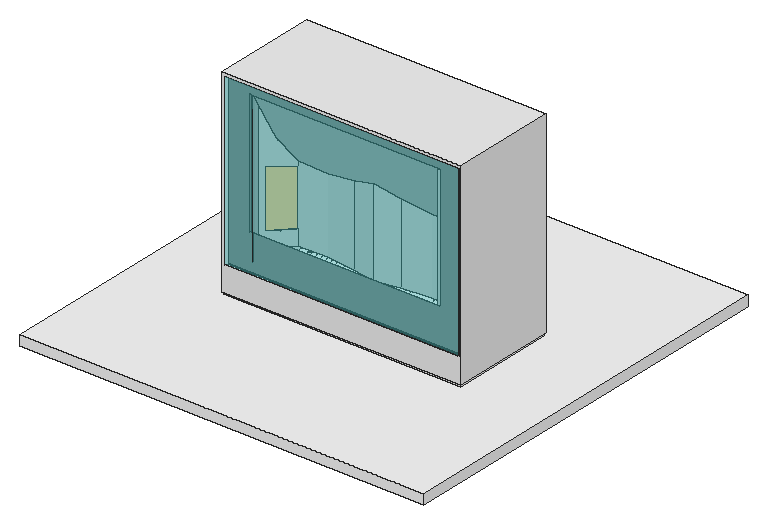
Revit family "BE_22383_de_DE", category Leuchten, Revit 2015
Parameters (values of type "BEGA_22383_Weiß_K3")
  built-in parameter 1150104 = 9.9174 (stored number, unit not read)
  Wattage = 25.2 W
  Default Elevation = 0 mm
  built-in parameter 1150113 = 1 (stored number, unit not read)
  built-in parameter 1114218 = 1 (stored number, unit not read)
  URL = "http://www.bega.de/produkt/22383"
  Typenkommentare = "© 2015 BEGA. Wir behalten uns das Recht vor, technische Änderungen ohne vorherige Ankündigung vorzunehmen."  # constant formula
  Type Image = 22383.png
  built-in parameter 1150134 = (empty or 0)
  built-in parameter 1150109 = 1 (stored number, unit not read)
  Strom = ""
  built-in parameter 1150110 = 1 (stored number, unit not read)
  Spannung = 0 V
  Sonderanfertigung = no
  Seriennummer [instance] = "Hier können Sie die eindeutige Seriennummer für das Facility Management eintragen."
  Schutzklasse = "I"
  Schutzart = "IP 65"
  Scheinlast = 0 VA
  Produktdatenblatt = "http://www.bega.de/download/datenblaetter/de/22383.pdf"
  Neigungswinkel = 0.00°
  Modell = "22383W"
  Material_17 = BEGA_Reflektor
  Material_15 = BEGA_Leuchtmedium_matt
  Material_09 = BEGA_Glas_klar
  Material_06 = BEGA_Oberfläche_Edelstahl_gebürstet
  Material_03 = BEGA_Oberfläche_Weiss_matt
  Material_02 = BEGA_Oberfläche_Silber_matt
  Material_01 [instance] = BEGA_Oberfläche_Grafit_matt
  M_W = yes
  M_G = no
  M_A = no
  Logo = 0
  built-in parameter 1114217 = 1 (stored number, unit not read)
  built-in parameter 1150139 = (empty or 0)
  built-in parameter 1150105 = 214.07 (stored number, unit not read)
  built-in parameter 1150114 = 1 (stored number, unit not read)
  Lumens = 2690.1 lm
  built-in parameter 1150115 = 1 (stored number, unit not read)
  Leuchtenlichtstrom = "2039 lm"
  Leuchtenanzahl = ""
  Lebensdauerkriterien = "L70 = 50.000 h"
  Lastklassifizierung = Beleuchtung
  built-in parameter 1150112 = 1 (stored number, unit not read)
  Lampenlichtstrom = "2690 lm"
  Lampe = "LED 25.2 W"
  LED_Modulbezeichnung = "2x LED-0504/830 "
  built-in parameter 1150142 = (empty or 0)
  Hersteller = "BEGA"  # constant formula
  Gewicht = "3.1 kg"
  Frequenz = "0/50-60 Hz"
  Farbwiedergabeindex = "Ra > 80"
  Farbtemperaturverschiebung bei Dämpfen der Lampe = <Keine Auswahl>
  Farbtemperatur = "3000 K"
  Color Filter = 16777215
  built-in parameter 1150133 = 10 (stored number, unit not read)
  Energieeffizienzklasse = "LED A++ - A"
  built-in parameter 1150137 = (empty or 0)
  built-in parameter 1150132 = (empty or 0)
  Dimmbar [instance] = "DALI"
  Datei für fotometrisches Netz = "BE_22383.IES"
  CE_Konformität = "ja"
  Bestellnummer = "22383W"
  Beschreibung_Sonderanfertigung = "Hier können Sie Informationen zur Sonderanfertigung eintragen."
  Beschreibung = "Wandfluter"
  built-in parameter 1150106 = 2.1407 (stored number, unit not read)
  Befestigungsbohrung = "Ø 5,5 mm"
  Befestigungsabstand = "170 mm"
  BEGA_Intern_aus = yes
  BEGA_Intern_an = yes
  BEGA_Intern_Konstruktion = yes
  BEGA_Intern = yes
  BEGA_IES = yes
  BEGA_Dummy = no
  Anschlussleistung [instance] = "30 W"
  built-in parameter 1150107 = 3000 (stored number, unit not read)
  built-in parameter 1150102 = (empty or 0)
  built-in parameter 1150138 = (empty or 0)
  Aktualisierung = "2015-11-03T04:10:14"
  AC/DC = "AC/DC"
Types (7, lengths in mm): name | built-in parameter 1150104 | built-in parameter 1150134 | Modell | M_W | M_G | M_A | built-in parameter 1150105 | Lumens | Lampenlichtstrom | LED_Modulbezeichnung | Farbtemperatur | Datei für fotometrisches Netz | Bestellnummer | built-in parameter 1150106 | built-in parameter 1150107
  (no name) | 9.9174 (stored number, unit not read) | (empty or 0) | "22383W" | yes | no | no | 214.07 (stored number, unit not read) | 2690.1 lm | "2690 lm" | "2x LED-0504/830 " | "3000 K" | "BE_22383.IES" | "22383W" | 2.1407 (stored number, unit not read) | 3000 (stored number, unit not read)
  BEGA_22383_Silber_K4 | 10.618 (stored number, unit not read) | 12 | "22383AK4" | no | no | yes | 229.19 (stored number, unit not read) | 2880.11 lm | "2880 lm" | "2x LED-0504/840 " | "4000 K" | "BE_22383K4.IES" | "22383AK4" | 2.2919 (stored number, unit not read) | 4000 (stored number, unit not read)
  BEGA_22383_Silber_K3 | 9.9174 (stored number, unit not read) | (empty or 0) | "22383A" | no | no | yes | 214.07 (stored number, unit not read) | 2690.1 lm | "2690 lm" | "2x LED-0504/830 " | "3000 K" | "BE_22383.IES" | "22383A" | 2.1407 (stored number, unit not read) | 3000 (stored number, unit not read)
  BEGA_22383_Weiß_K3 | 9.9174 (stored number, unit not read) | (empty or 0) | "22383W" | yes | no | no | 214.07 (stored number, unit not read) | 2690.1 lm | "2690 lm" | "2x LED-0504/830 " | "3000 K" | "BE_22383.IES" | "22383W" | 2.1407 (stored number, unit not read) | 3000 (stored number, unit not read)
  BEGA_22383_Grafit_K3 | 9.9174 (stored number, unit not read) | (empty or 0) | "22383" | no | yes | no | 214.07 (stored number, unit not read) | 2690.1 lm | "2690 lm" | "2x LED-0504/830 " | "3000 K" | "BE_22383.IES" | "22383" | 2.1407 (stored number, unit not read) | 3000 (stored number, unit not read)
  BEGA_22383_Grafit_K4 | 10.618 (stored number, unit not read) | 12 | "22383K4" | no | yes | no | 229.19 (stored number, unit not read) | 2880.11 lm | "2880 lm" | "2x LED-0504/840 " | "4000 K" | "BE_22383K4.IES" | "22383K4" | 2.2919 (stored number, unit not read) | 4000 (stored number, unit not read)
  BEGA_22383_Weiß_K4 | 10.618 (stored number, unit not read) | 12 | "22383WK4" | yes | no | no | 229.19 (stored number, unit not read) | 2880.11 lm | "2880 lm" | "2x LED-0504/840 " | "4000 K" | "BE_22383K4.IES" | "22383WK4" | 2.2919 (stored number, unit not read) | 4000 (stored number, unit not read)
Reference planes
  plane 1 "Mitte (Vorne/Hinten)": y = 0
  plane 2: z = 0
  plane 3 "Mitte (Links/Rechts)": x = 0
  plane 4 "Links": x = -118.193
  plane 5 "Rechts": x = 118.193
  plane 6 "Unten": y = -52.5
  plane 7 "Oben": y = 52.5
  plane 8 "Vorne": z = 197.084
Forms (mm)
  Extrusion 1, solid, material "BEGA_Platte_Weiss"
    sketch origin (0, -1119.2, 0) x (1, 0, 0) y (0, 1, 0)
      loop
        line (-200, 1319.2) -> (-200, 919.2) -> (200, 919.2) -> (200, 1319.2) -> (-200, 1319.2)
    from 0 to -10
  Extrusion 2, solid, material "BEGA_Dummy_matt", visible <- "BEGA_Dummy"
    sketch origin (80.095, -76.023, 0) x (1, 0, 0) y (0, 1, 0)
      loop
        line (-198.288, 128.523) -> (-198.288, 23.523) -> (38.098, 23.523) -> (38.098, 128.523) -> (-198.288, 128.523)
    from 0 to 25.379
Dimensions and locks
  plane 1 "Mitte (Vorne/Hinten)" to Extrusion 1 = 200 mm
  aligned and locked: plane 2 to Extrusion 1
  aligned and locked: level to Extrusion 1
Nested families
  nested 1: "BE_22383_Wandleuchte" at (0, 0, 0), type "BE_22383_Wandleuchte"
    with BEGA_Infotext_Winkel no
Connectors
  electrical at (0, 0, 0), driven by "Lastklassifizierung", driven by "Spannung", driven by "Scheinlast"
    settings: index 1, voltage 0 V, apparent load 0 VA, apparent load phase1 0 VA, apparent load phase2 0 VA, apparent load phase3 0 VA, power factor 1, load classification "Beleuchtung", number of poles 1, system type 31, power factor state 1, is connector primary yes, connector utility no, sub classification motor no, connector description ""
Definition of nested family "BE_22383_Wandleuchte"
  Parameters (values of type "BE_22383_Wandleuchte")
    Default Elevation = 1 mm
    URL = "http://www.bega.de/de/produkt"
    Type Comments = "© 2015 BEGA. Wir behalten uns das Recht vor, technische Änderungen ohne vorherige Ankündigung vorzunehmen. "  # constant formula
    Type Image = Bega_Revit_Typenbild_78x78.png
    Material_17 = none
    Material_15 = none
    Material_09 = none
    Material_03 = none
    Material_02 = none
    Material_01 = none
    M_W = yes
    M_G = yes
    M_A = yes
    Länge_Platte = 250 mm  # constant formula
    Höhe_Platte = -10 mm  # constant formula
    Manufacturer = "BEGA"  # constant formula
    Breite_Platte = 200 mm  # constant formula
    BEGA_Infotext_Winkel [instance] = no
    Aktualisierung = "Stand: 25.03.2015"  # constant formula
  Reference planes
    plane 1 "Mitte (Oben/Unten)": y = 0
    plane 2: z = 0
    plane 3 "Mitte (Links/Rechts)": x = 0
    plane 4 "Oben": y = 52.5
    plane 5: x = -118.193
    plane 6: x = 118.193
    plane 7: y = -52.5
    plane 8: z = 197.084
  Forms (mm)
    Extrusion 1, solid, detail levels medium
      sketch origin (0, 0, 0) x (1, 0, 0) y (0, 1, 0)
        loop
          line (-125, 100) -> (-125, -100) -> (125, -100) -> (125, 100) -> (-125, 100)
      from 0 to -10 <- "Höhe_Platte"
    Sweep 2, solid, material <- "Material_01", visible <- "M_G", detail levels medium+fine
      path origin (0, 0, 0) x (1, 0, 0) y (0, 1, 0)
        loop
          line (-118.193, 52.5) -> (-118.193, -52.5) -> (118.193, -52.5) -> (118.193, 52.5) -> (-118.193, 52.5)
      profile origin (0, 52.5, 0) x (0, 1, 0) y (0, 0, 1)
        loop
          line (-0.913, 0) -> (-1, 2.5) -> (-8.837, 2.5) -> (-9.5, 21.5) -> (-14, 21.5) -> (-14.384, 10.5) -> (-22.548, 10.5) -> (-22.548, 8) -> (-13, 8) -> (-12.459, 1.817)
          arc (-12.459, 1.817) -> (-11.815, 0.523) -> (-10.467, 0) r 2
          line (-10.467, 0) -> (-0.913, 0)
    Extrusion 3, solid, material <- "Material_01", visible <- "M_G", detail levels medium+fine
      sketch origin (0, 0, 0) x (1, 0, 0) y (0, 1, 0)
        loop
          line (-95.645, 29.952) -> (-95.645, -29.952) -> (95.645, -29.952) -> (95.645, 29.952) -> (-95.645, 29.952)
      from 8 to 10.5
    Sweep 4, solid, material <- "Material_01", visible <- "M_G", detail levels medium+fine
      path origin (0, 0, 0) x (1, 0, 0) y (0, 1, 0)
        loop
          line (118.193, -52.5) -> (118.193, 52.5) -> (-118.193, 52.5) -> (-118.193, -52.5) -> (118.193, -52.5)
      profile origin (0, -52.5, 0) x (0, -1, 0) y (0, 0, 1)
        loop
          line (-2.5, 192.081) -> (-2.5, 2.5) -> (0, 2.5) -> (0, 197.084) -> (-11.489, 197.084) -> (-11.489, 192.081) -> (-2.5, 192.081)
    Extrusion 5, solid, material <- "Material_01", visible <- "M_G", detail levels medium+fine
      sketch origin (0, 0, 0) x (0, 1, 0) y (0, 0, 1)
        loop
          line (41.011, 197.084) -> (-41.011, 197.084) -> (-41.011, 192.081) -> (41.011, 192.081) -> (41.011, 197.084)
      from -106.704 to 106.704
    Extrusion 6, void
      sketch origin (0, 0, 0) x (0, 1, 0) y (0, 0, 1)
        loop
          line (-52.5, 194.084) -> (-52.5, 26.916) -> (-48.4, 26.916) -> (-48.4, 194.084) -> (-52.5, 194.084)
      from -115.693 to 115.693
    Extrusion 7, solid, material <- "Material_09", detail levels medium+fine
      sketch origin (0, 0, 0) x (0, 1, 0) y (0, 0, 1)
        loop
          line (-48.4, 26.916) -> (-48.4, 194.084) -> (-52.4, 194.084) -> (-52.4, 26.916) -> (-48.4, 26.916)
      from -115.693 to 117.193
    Extrusion 8, solid, material <- "Material_01", detail levels medium+fine
      sketch origin (0, -48.4, 27.25) x (0, 0, 1) y (1, 0, 0)
        loop
          line (166.834, -115.693) -> (166.834, 117.193) -> (-0.334, 117.193) -> (-0.334, -115.693) -> (166.834, -115.693)
        loop
          line (156.834, 95.193) -> (34.666, 95.193) -> (34.666, -93.693) -> (156.834, -93.693) -> (156.834, 95.193)
      from 0 to 0.502
    Extrusion 9, solid, material <- "Material_15", detail levels medium+fine
      sketch origin (0, 0, 0) x (1, 0, 0) y (0, 1, 0)
        loop
          line (-78.005, -2.349) -> (-79.278, -1.076) -> (-103.319, -25.118) -> (-102.046, -26.39) -> (-78.005, -2.349)
        loop
          line (79.278, -1.076) -> (78.005, -2.349) -> (102.046, -26.39) -> (103.319, -25.118) -> (79.278, -1.076)
      from 50.704 to 107.299
    Extrusion 10, solid, material <- "Material_17", detail levels medium+fine
      sketch origin (0, 0, 0) x (1, 0, 0) y (0, 1, 0)
        loop
          line (-96, -46.013) -> (-96, -47.097) -> (-91.5, -47.097)
          arc (-91.5, -47.097) -> (-97.524, -38.082) -> (-101.827, -28.131) r 60
          line (-101.827, -28.131) -> (-79.767, -6.071)
          arc (-79.767, -6.071) -> (-51.639, -5.025) -> (-23.641, -7.938) r 200
          line (-23.641, -7.938) -> (0, -12.097) -> (23.641, -7.938)
          arc (23.641, -7.938) -> (51.639, -5.025) -> (79.767, -6.071) r 200
          line (79.767, -6.071) -> (101.827, -28.131)
          arc (101.827, -28.131) -> (97.524, -38.082) -> (91.5, -47.097) r 60
          line (91.5, -47.097) -> (96, -47.097) -> (96, -45.973) -> (93.015, -45.973)
          arc (93.015, -45.973) -> (98.465, -37.38) -> (102.398, -27.994) r 60.5
          line (102.398, -27.994) -> (79.997, -5.593)
          arc (79.997, -5.593) -> (51.68, -4.524) -> (23.495, -7.456) r 200.5
          line (23.495, -7.456) -> (0, -11.589) -> (-23.495, -7.456)
          arc (-23.495, -7.456) -> (-51.68, -4.524) -> (-79.997, -5.593) r 200.5
          line (-79.997, -5.593) -> (-102.398, -27.994)
          arc (-102.398, -27.994) -> (-98.453, -37.402) -> (-92.985, -46.013) r 60.5
          line (-92.985, -46.013) -> (-96, -46.013)
      from 35.739 to 185.739
    Extrusion 11, void
      sketch origin (0, 0, 0) x (1, 0, 0) y (0, 1, 0)
        loop
          line (-80.442, -5.397) -> (-98.635, -23.59) -> (-97.669, -24.556) -> (-79.476, -6.363) -> (-80.442, -5.397)
        loop
          line (80.442, -5.397) -> (79.476, -6.363) -> (97.669, -24.556) -> (98.635, -23.59) -> (80.442, -5.397)
      from 50.704 to 107.299
    Extrusion 12, void
      sketch origin (0, 0, 0) x (0, 1, 0) y (0, 0, 1)
        loop
          line (-47.2, 182.873) -> (7.8, 87.61) -> (7.8, 188.491) -> (-47.2, 188.491) -> (-47.2, 182.873)
      from -90.943 to 90.785
    Extrusion 13, solid, material <- "Material_17", detail levels medium+fine
      sketch origin (-115.693, 0, 0) x (0, -1, 0) y (0, 0, 1)
        loop
          line (4.248, 108.477) -> (47.097, 182.694) -> (47.097, 185.486) -> (3.226, 109.499) -> (4.248, 108.477)
      from -221.427 to -24.626
    Extrusion 14, void
      sketch origin (0, 0, 0) x (1, 0, 0) y (0, 1, 0)
        loop
          circle (-54.435, -4.342) r 8.5
        loop
          circle (-65, -27) r 8.5
        loop
          circle (-86.78, 0) r 3
        loop
          circle (85, 0) r 3
      from 0 to 16.217
    Sweep 15, solid, material <- "Material_02", visible <- "M_A", detail levels medium+fine
      path origin (0, 0, 0) x (1, 0, 0) y (0, 1, 0)
        loop
          line (118.193, -52.5) -> (118.193, 52.5) -> (-118.193, 52.5) -> (-118.193, -52.5) -> (118.193, -52.5)
      profile origin (0, -52.5, 0) x (0, -1, 0) y (0, 0, 1)
        loop
          line (-2.5, 192.081) -> (-2.5, 2.5) -> (0, 2.5) -> (0, 197.084) -> (-11.489, 197.084) -> (-11.489, 192.081) -> (-2.5, 192.081)
    Extrusion 16, solid, material <- "Material_02", visible <- "M_A", detail levels medium+fine
      sketch origin (0, 0, 0) x (0, 1, 0) y (0, 0, 1)
        loop
          line (41.011, 197.084) -> (-41.011, 197.084) -> (-41.011, 192.081) -> (41.011, 192.081) -> (41.011, 197.084)
      from -106.704 to 106.704
    Sweep 17, solid, material <- "Material_03", visible <- "M_W", detail levels medium+fine
      path origin (0, 0, 0) x (1, 0, 0) y (0, 1, 0)
        loop
          line (118.193, -52.5) -> (118.193, 52.5) -> (-118.193, 52.5) -> (-118.193, -52.5) -> (118.193, -52.5)
      profile origin (0, -52.5, 0) x (0, -1, 0) y (0, 0, 1)
        loop
          line (-2.5, 192.081) -> (-2.5, 2.5) -> (0, 2.5) -> (0, 197.084) -> (-11.489, 197.084) -> (-11.489, 192.081) -> (-2.5, 192.081)
    Extrusion 18, solid, material <- "Material_03", visible <- "M_W", detail levels medium+fine
      sketch origin (0, 0, 0) x (0, 1, 0) y (0, 0, 1)
        loop
          line (41.011, 197.084) -> (-41.011, 197.084) -> (-41.011, 192.081) -> (41.011, 192.081) -> (41.011, 197.084)
      from -106.704 to 106.704
    Sweep 19, solid, material <- "Material_02", visible <- "M_A", detail levels medium+fine
      path origin (0, 0, 0) x (1, 0, 0) y (0, 1, 0)
        loop
          line (-118.193, 52.5) -> (-118.193, -52.5) -> (118.193, -52.5) -> (118.193, 52.5) -> (-118.193, 52.5)
      profile origin (0, 52.5, 0) x (0, 1, 0) y (0, 0, 1)
        loop
          line (-0.913, 0) -> (-1, 2.5) -> (-8.837, 2.5) -> (-9.5, 21.5) -> (-14, 21.5) -> (-14.384, 10.5) -> (-22.548, 10.5) -> (-22.548, 8) -> (-13, 8) -> (-12.459, 1.817)
          arc (-12.459, 1.817) -> (-11.815, 0.523) -> (-10.467, 0) r 2
          line (-10.467, 0) -> (-0.913, 0)
    Extrusion 20, solid, material <- "Material_02", visible <- "M_A", detail levels medium+fine
      sketch origin (0, 0, 0) x (1, 0, 0) y (0, 1, 0)
        loop
          line (-95.645, 29.952) -> (-95.645, -29.952) -> (95.645, -29.952) -> (95.645, 29.952) -> (-95.645, 29.952)
      from 8 to 10.5
    Sweep 21, solid, material <- "Material_03", visible <- "M_W", detail levels medium+fine
      path origin (0, 0, 0) x (1, 0, 0) y (0, 1, 0)
        loop
          line (-118.193, 52.5) -> (-118.193, -52.5) -> (118.193, -52.5) -> (118.193, 52.5) -> (-118.193, 52.5)
      profile origin (0, 52.5, 0) x (0, 1, 0) y (0, 0, 1)
        loop
          line (-0.913, 0) -> (-1, 2.5) -> (-8.837, 2.5) -> (-9.5, 21.5) -> (-14, 21.5) -> (-14.384, 10.5) -> (-22.548, 10.5) -> (-22.548, 8) -> (-13, 8) -> (-12.459, 1.817)
          arc (-12.459, 1.817) -> (-11.815, 0.523) -> (-10.467, 0) r 2
          line (-10.467, 0) -> (-0.913, 0)
    Extrusion 22, solid, material <- "Material_03", visible <- "M_W", detail levels medium+fine
      sketch origin (0, 0, 0) x (1, 0, 0) y (0, 1, 0)
        loop
          line (-95.645, 29.952) -> (-95.645, -29.952) -> (95.645, -29.952) -> (95.645, 29.952) -> (-95.645, 29.952)
      from 8 to 10.5
  Cuts and joins
    Extrusion 11, Extrusion 14 cuts Sweep 2
    Extrusion 11, Extrusion 14 cuts Extrusion 3
    joined: Sweep 2, Extrusion 3
    Extrusion 6, Extrusion 11, Extrusion 12, Extrusion 14 cuts Sweep 4
    Extrusion 6, Extrusion 11, Extrusion 12, Extrusion 14 cuts Extrusion 5
    joined: Sweep 4, Extrusion 5
    Extrusion 11, Extrusion 12, Extrusion 14 cuts Extrusion 10
    Extrusion 14 cuts Extrusion 13
    Extrusion 6 cuts Sweep 15
    joined: Sweep 15, Extrusion 16
    Extrusion 6, Extrusion 14 cuts Sweep 17
    joined: Sweep 17, Extrusion 18
    Extrusion 14 cuts Sweep 19
    Extrusion 14 cuts Extrusion 20
    joined: Sweep 19, Extrusion 20
    Extrusion 14 cuts Sweep 21
    Extrusion 14 cuts Extrusion 22
    joined: Sweep 21, Extrusion 22
  Dimensions and locks
    equal spacing: Extrusion 1 sketch curve, plane 3 "Mitte (Links/Rechts)", Extrusion 1 sketch curve
    equal spacing: Extrusion 1 sketch curve, plane 1 "Mitte (Oben/Unten)", Extrusion 1 sketch curve
    "Länge_Platte": Extrusion 1 sketch curve to Extrusion 1 sketch curve
    "Breite_Platte": Extrusion 1 sketch curve to Extrusion 1 sketch curve
    plane 1 "Mitte (Oben/Unten)" to Extrusion 1 = 100 mm  (x3)
    aligned and locked: Extrusion 1 to plane 2
    aligned and locked: Extrusion 1 to level
  Automatic sketch dimensions
    plane 1 "Mitte (Oben/Unten)" to Sweep 2 sketch curve = 52.5 mm
    Sweep 2 sketch curve to plane 1 "Mitte (Oben/Unten)" = 52.5 mm
    Sweep 2 sketch curve to level = 0 mm
    level to Sweep 2 sketch curve = 10.5 mm
    profile plane to Sweep 2 sketch curve = 22.548 mm
    Sweep 2 sketch curve to Sweep 2 sketch curve = 8.164 mm
    Sweep 2 sketch curve to Sweep 2 sketch curve = 0.384 mm
    Sweep 2 sketch curve to Sweep 2 sketch curve = 1.384 mm
    level to Sweep 2 sketch curve = 1.817 mm
    Sweep 2 sketch curve to Sweep 2 sketch curve = 0.541 mm
    level to Sweep 2 sketch curve = 2 mm
    Sweep 2 sketch curve to Sweep 2 sketch curve = 4.5 mm
    level to Sweep 2 sketch curve = 2.5 mm
    Sweep 2 sketch curve to Sweep 2 sketch curve = 1.631 mm
    profile plane to Sweep 2 sketch curve = 1 mm
    profile plane to Sweep 2 sketch curve = 0.913 mm
    Sweep 2 sketch curve to Sweep 2 sketch curve = 2.5 mm
    Sweep 2 sketch curve to Sweep 2 sketch curve = 11 mm
    plane 1 "Mitte (Oben/Unten)" to Extrusion 3 sketch curve = 29.952 mm
    Extrusion 3 sketch curve to plane 3 "Mitte (Links/Rechts)" = 95.645 mm
    plane 3 "Mitte (Links/Rechts)" to Extrusion 3 sketch curve = 95.645 mm
    Extrusion 3 sketch curve to plane 1 "Mitte (Oben/Unten)" = 29.952 mm
    plane 1 "Mitte (Oben/Unten)" to Sweep 4 sketch curve = 52.5 mm
    Sweep 4 sketch curve to plane 1 "Mitte (Oben/Unten)" = 52.5 mm
    Sweep 4 sketch curve to profile plane = 0 mm
    profile plane to Sweep 4 sketch curve = 2.5 mm
    Sweep 4 sketch curve to Sweep 4 sketch curve = 8.989 mm
    level to Sweep 4 sketch curve = 2.5 mm
    Sweep 4 sketch curve to Sweep 4 sketch curve = 189.581 mm
    Sweep 4 sketch curve to Sweep 4 sketch curve = 5.003 mm
    plane 1 "Mitte (Oben/Unten)" to Extrusion 5 sketch curve = 41.011 mm
    Extrusion 5 sketch curve to plane 1 "Mitte (Oben/Unten)" = 41.011 mm
    plane 1 "Mitte (Oben/Unten)" to Extrusion 6 sketch curve = 52.5 mm
    Extrusion 6 sketch curve to Extrusion 6 sketch curve = 4.1 mm
    level to Extrusion 6 sketch curve = 26.916 mm
    plane 1 "Mitte (Oben/Unten)" to Extrusion 7 sketch curve = 52.4 mm
    Extrusion 7 sketch curve to Extrusion 7 sketch curve = 4 mm
    level to Extrusion 7 sketch curve = 26.916 mm
    Extrusion 8 sketch curve to Extrusion 7 = 0 mm  (x3)
    Extrusion 7 to Extrusion 8 sketch curve = 0 mm
    Extrusion 7 to Extrusion 8 sketch curve = 35 mm
    Extrusion 7 to Extrusion 8 sketch curve = 10 mm
    Extrusion 7 to Extrusion 8 sketch curve = 22 mm  (x2)
    plane 1 "Mitte (Oben/Unten)" to Extrusion 9 sketch curve = 1.076 mm  (x2)
    Extrusion 9 sketch curve to plane 3 "Mitte (Links/Rechts)" = 79.278 mm
    plane 1 "Mitte (Oben/Unten)" to Extrusion 9 sketch curve = 25.118 mm  (x2)
    Extrusion 9 sketch curve to Extrusion 9 sketch curve = 24.042 mm  (x2)
    plane 1 "Mitte (Oben/Unten)" to Extrusion 9 sketch curve = 2.349 mm  (x2)
    Extrusion 9 sketch curve to Extrusion 9 sketch curve = 1.273 mm  (x4)
    plane 1 "Mitte (Oben/Unten)" to Extrusion 9 sketch curve = 26.39 mm
    plane 3 "Mitte (Links/Rechts)" to Extrusion 9 sketch curve = 78.005 mm
    Extrusion 10 sketch curve to Extrusion 10 sketch curve = 0 mm  (x14)
    Extrusion 10 sketch curve to plane 3 "Mitte (Links/Rechts)" = 0 mm  (x2)
    plane 1 "Mitte (Oben/Unten)" to Extrusion 10 sketch curve = 7.456 mm  (x2)
    Extrusion 10 sketch curve to plane 3 "Mitte (Links/Rechts)" = 23.495 mm
    plane 1 "Mitte (Oben/Unten)" to Extrusion 10 sketch curve = 9.389 mm  (x2)
    Extrusion 10 sketch curve to Extrusion 10 sketch curve = 21.334 mm  (x2)
    Extrusion 10 sketch curve to Extrusion 10 sketch curve = 46.671 mm  (x2)
    Extrusion 10 sketch curve to Extrusion 10 sketch curve = 1.485 mm
    Extrusion 10 sketch curve to Extrusion 10 sketch curve = 3.015 mm
    plane 1 "Mitte (Oben/Unten)" to Extrusion 10 sketch curve = 28.131 mm  (x2)
    Extrusion 10 sketch curve to Extrusion 10 sketch curve = 5.827 mm
    plane 1 "Mitte (Oben/Unten)" to Extrusion 10 sketch curve = 27.994 mm  (x2)
    Extrusion 10 sketch curve to Extrusion 10 sketch curve = 0.57 mm  (x2)
    plane 3 "Mitte (Links/Rechts)" to Extrusion 10 sketch curve = 23.495 mm
    Extrusion 10 sketch curve to Extrusion 10 sketch curve = 1.515 mm
    Extrusion 10 sketch curve to Extrusion 10 sketch curve = 8.812 mm
    plane 1 "Mitte (Oben/Unten)" to Extrusion 10 sketch curve = 12.097 mm
    Extrusion 10 sketch curve to Extrusion 10 sketch curve = 0.508 mm
    Extrusion 10 sketch curve to Extrusion 10 sketch curve = 0.146 mm  (x2)
    plane 1 "Mitte (Oben/Unten)" to Extrusion 10 sketch curve = 7.938 mm  (x2)
    plane 1 "Mitte (Oben/Unten)" to Extrusion 10 sketch curve = 6.071 mm  (x2)
    Extrusion 10 sketch curve to Extrusion 10 sketch curve = 0.229 mm  (x2)
    Extrusion 10 sketch curve to Extrusion 10 sketch curve = 22.06 mm  (x2)
    plane 1 "Mitte (Oben/Unten)" to Extrusion 10 sketch curve = 5.593 mm  (x2)
    Extrusion 10 sketch curve to Extrusion 10 sketch curve = 2.985 mm
    plane 1 "Mitte (Oben/Unten)" to Extrusion 11 sketch curve = 23.59 mm  (x2)
    Extrusion 11 sketch curve to plane 3 "Mitte (Links/Rechts)" = 98.635 mm
    plane 1 "Mitte (Oben/Unten)" to Extrusion 11 sketch curve = 24.556 mm  (x2)
    Extrusion 11 sketch curve to Extrusion 11 sketch curve = 0.966 mm  (x4)
    plane 1 "Mitte (Oben/Unten)" to Extrusion 11 sketch curve = 5.397 mm  (x2)
    Extrusion 11 sketch curve to Extrusion 11 sketch curve = 18.193 mm  (x2)
    plane 1 "Mitte (Oben/Unten)" to Extrusion 11 sketch curve = 6.363 mm  (x2)
    plane 3 "Mitte (Links/Rechts)" to Extrusion 11 sketch curve = 79.476 mm
    plane 1 "Mitte (Oben/Unten)" to Extrusion 12 sketch curve = 47.2 mm
    Extrusion 12 sketch curve to plane 1 "Mitte (Oben/Unten)" = 7.8 mm
    level to Extrusion 12 sketch curve = 87.61 mm
    Extrusion 12 sketch curve to Extrusion 12 sketch curve = 5.619 mm
    Extrusion 14 sketch curve to plane 1 "Mitte (Oben/Unten)" = 0 mm  (x2)
    Extrusion 14 sketch curve to plane 3 "Mitte (Links/Rechts)" = 86.78 mm
    Extrusion 14 sketch curve to Extrusion 14 sketch curve = 21.78 mm
    plane 1 "Mitte (Oben/Unten)" to Extrusion 14 sketch curve = 4.342 mm
    Extrusion 14 sketch curve to Extrusion 14 sketch curve = 10.565 mm
    plane 3 "Mitte (Links/Rechts)" to Extrusion 14 sketch curve = 85 mm
    Extrusion 14 sketch curve to Extrusion 14 sketch curve = 22.658 mm
    Extrusion 7 to Extrusion 13 sketch curve = 45.174 mm
    Extrusion 13 sketch curve to Extrusion 13 sketch curve = 1.022 mm  (x2)
    Extrusion 7 to Extrusion 13 sketch curve = 1.303 mm
    Extrusion 13 sketch curve to Extrusion 7 = 11.39 mm
    Extrusion 13 sketch curve to Extrusion 13 sketch curve = 2.793 mm
    Extrusion 13 sketch curve to Extrusion 7 = 82.583 mm
    Sweep 2 sketch curve to plane 3 "Mitte (Links/Rechts)" = 118.193 mm
    Sweep 4 sketch curve to plane 3 "Mitte (Links/Rechts)" = 118.193 mm
    plane 3 "Mitte (Links/Rechts)" to Sweep 2 sketch curve = 118.193 mm
    plane 3 "Mitte (Links/Rechts)" to Sweep 4 sketch curve = 118.193 mm
    Extrusion 10 sketch curve to plane 3 "Mitte (Links/Rechts)" = 58.288 mm
    plane 3 "Mitte (Links/Rechts)" to Extrusion 10 sketch curve = 58.288 mm
    level to Extrusion 5 sketch curve = 192.081 mm
    Extrusion 5 sketch curve to Extrusion 5 sketch curve = 5.003 mm
    Extrusion 6 sketch curve to Extrusion 6 sketch curve = 167.168 mm
    Extrusion 7 sketch curve to Extrusion 7 sketch curve = 167.168 mm
    Extrusion 12 sketch curve to Extrusion 12 sketch curve = 95.263 mm
    Sweep 15 sketch curve to plane 5 = 0 mm
    Sweep 15 sketch curve to plane 4 "Oben" = 0 mm
    Sweep 15 sketch curve to plane 6 = 0 mm
    Sweep 15 sketch curve to plane 7 = 0 mm
    Sweep 15 sketch curve to profile plane = 0 mm
    profile plane to Sweep 15 sketch curve = 2.5 mm
    Sweep 15 sketch curve to Sweep 15 sketch curve = 8.989 mm
    level to Sweep 15 sketch curve = 2.5 mm
    Sweep 15 sketch curve to Sweep 15 sketch curve = 189.581 mm
    Sweep 15 sketch curve to Sweep 15 sketch curve = 5.003 mm
    plane 8 to Extrusion 16 sketch curve = 0 mm
    plane 8 to Extrusion 16 sketch curve = 5.003 mm
    Extrusion 16 sketch curve to plane 7 = 11.489 mm
    Extrusion 16 sketch curve to plane 4 "Oben" = 11.489 mm
    Sweep 17 sketch curve to plane 5 = 0 mm
    Sweep 17 sketch curve to plane 4 "Oben" = 0 mm
    Sweep 17 sketch curve to plane 6 = 0 mm
    Sweep 17 sketch curve to plane 7 = 0 mm
    Sweep 17 sketch curve to profile plane = 0 mm
    profile plane to Sweep 17 sketch curve = 2.5 mm
    Sweep 17 sketch curve to Sweep 17 sketch curve = 8.989 mm
    level to Sweep 17 sketch curve = 2.5 mm
    Sweep 17 sketch curve to Sweep 17 sketch curve = 189.581 mm
    Sweep 17 sketch curve to Sweep 17 sketch curve = 5.003 mm
    plane 8 to Extrusion 18 sketch curve = 0 mm
    plane 8 to Extrusion 18 sketch curve = 5.003 mm
    Extrusion 18 sketch curve to plane 7 = 11.489 mm
    Extrusion 18 sketch curve to plane 4 "Oben" = 11.489 mm
    Sweep 19 sketch curve to plane 5 = 0 mm
    Sweep 19 sketch curve to plane 6 = 0 mm
    Sweep 19 sketch curve to plane 7 = 0 mm
    Sweep 19 sketch curve to plane 4 "Oben" = 0 mm
    Sweep 19 sketch curve to level = 0 mm
    level to Sweep 19 sketch curve = 10.5 mm
    profile plane to Sweep 19 sketch curve = 22.548 mm
    Sweep 19 sketch curve to Sweep 19 sketch curve = 8.164 mm
    Sweep 19 sketch curve to Sweep 19 sketch curve = 0.384 mm
    Sweep 19 sketch curve to Sweep 19 sketch curve = 1.384 mm
    level to Sweep 19 sketch curve = 1.817 mm
    Sweep 19 sketch curve to Sweep 19 sketch curve = 0.541 mm
    Sweep 19 sketch curve to Sweep 19 sketch curve = 1.992 mm
    Sweep 19 sketch curve to Sweep 19 sketch curve = 4.5 mm
    level to Sweep 19 sketch curve = 2.5 mm
    Sweep 19 sketch curve to Sweep 19 sketch curve = 1.631 mm
    profile plane to Sweep 19 sketch curve = 1 mm
    profile plane to Sweep 19 sketch curve = 0.913 mm
    Sweep 19 sketch curve to Sweep 19 sketch curve = 2.5 mm
    Sweep 19 sketch curve to Sweep 19 sketch curve = 11 mm
    Extrusion 20 sketch curve to plane 5 = 22.548 mm
    Extrusion 20 sketch curve to plane 6 = 22.548 mm
    Extrusion 20 sketch curve to plane 7 = 22.548 mm
    Extrusion 20 sketch curve to plane 4 "Oben" = 22.548 mm
    Sweep 21 sketch curve to plane 5 = 0 mm
    Sweep 21 sketch curve to plane 6 = 0 mm
    Sweep 21 sketch curve to plane 7 = 0 mm
    Sweep 21 sketch curve to plane 4 "Oben" = 0 mm
    Sweep 21 sketch curve to level = 0 mm
    level to Sweep 21 sketch curve = 10.5 mm
    profile plane to Sweep 21 sketch curve = 22.548 mm
    Sweep 21 sketch curve to Sweep 21 sketch curve = 8.164 mm
    Sweep 21 sketch curve to Sweep 21 sketch curve = 0.384 mm
    Sweep 21 sketch curve to Sweep 21 sketch curve = 1.384 mm
    level to Sweep 21 sketch curve = 1.817 mm
    Sweep 21 sketch curve to Sweep 21 sketch curve = 0.541 mm
    Sweep 21 sketch curve to Sweep 21 sketch curve = 1.992 mm
    Sweep 21 sketch curve to Sweep 21 sketch curve = 4.5 mm
    level to Sweep 21 sketch curve = 2.5 mm
    Sweep 21 sketch curve to Sweep 21 sketch curve = 1.631 mm
    profile plane to Sweep 21 sketch curve = 1 mm
    profile plane to Sweep 21 sketch curve = 0.913 mm
    Sweep 21 sketch curve to Sweep 21 sketch curve = 2.5 mm
    Sweep 21 sketch curve to Sweep 21 sketch curve = 11 mm
    Extrusion 22 sketch curve to plane 5 = 22.548 mm
    Extrusion 22 sketch curve to plane 6 = 22.548 mm
    Extrusion 22 sketch curve to plane 7 = 22.548 mm
    Extrusion 22 sketch curve to plane 4 "Oben" = 22.548 mm
    radius of Extrusion 14 sketch curve = 8.5 mm  (x2)
    radius of Extrusion 14 sketch curve = 3 mm  (x2)
